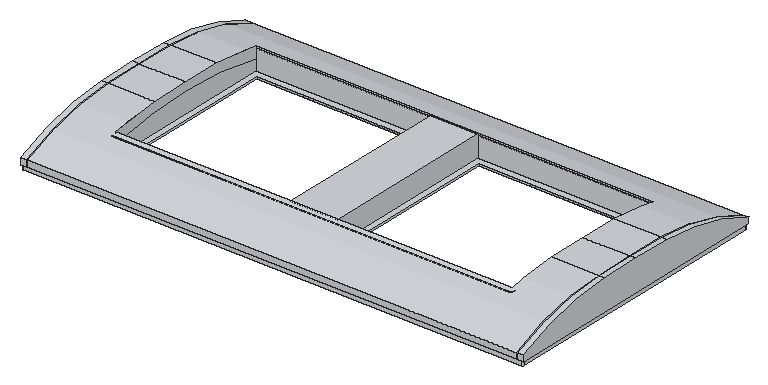
Revit family "Gira_021285", category Electrical Fixtures, host Face, Revit 2017
Family settings
  Host = Face
  Maintain Annotation Orientation = No
  Round Connector Dimension = Use Diameter
  Part Type = Normal
  Cut with Voids When Loaded = No
  Shared = No
  Room Calculation Point = No
Parameters (values of type "Abdeckrahmen 2f Zwischenr. AN Gira Event Opak Mint")
  Werkstoffgüte = "Thermoplast"
  Werkstoff = "Kunststoff"
  URL = "http://katalog.gira.de/de_DE/datenblatt.html?artikelnr=021285"
  Transparent = "No"
  Textfeld/Beschriftungsfläche = "No"
  Schutzart (IP) = "IP20"
  Region = "DE"
  Oberfläche = "sonstige"
  Name = "Abdeckrahmen 2f Zwischenr. AN Gira Event Opak Mint"
  Montagerichtung = "horizontal und vertikal"
  Mit Montagerahmen = "No"
  Mit Klappdeckel = "No"
  Manufacturer URL = "https://www.gira.de/"
  Keynote = "Event_Rahmen_2fach"
  HeinzeBIM = "https://bimportal.heinze.de/bim/abdeckrahmen-2f-zwischenr-an-gira-event-opak-mint/ade150f924392841b36f003fccfcefedbd4ba790"
  Halogenfrei = "Yes"
  HAN = "021285"
  Geeignet für Unterputz-Installation = "Yes"
  Geeignet für Unterflurkanaldose = "No"
  Geeignet für Geräteeinbaukanal = "No"
  Geeignet für Einbauinstallation = "No"
  GTIN = "4010337212850"
  Farbe = "grün"
  Default Elevation = 1219.2 mm
  Data sheet (1) = "https://katalog.gira.de/de_DE/download.html?artikelnr=021285"
  Category = "Abdeckrahmen"
  Befestigungsart = "Klemmbefestigung"
  Available = "Yes"
  Anzahl der Einheiten vertikal = "2 "
  Anzahl der Einheiten horizontal = "2 "
  Anzahl der Einheiten = "2 "
Reference planes
  plane 1 "Center (Front/Back)": y = 0
  plane 2: z = 0
  plane 3 "Center (Left/Right)": x = 0
Forms (mm)
  Extrusion 1, solid, detail levels fine
    sketch origin (0, 0, 0.05) x (0, 1, 0) y (0, 0, 1)
      loop
        arc (12.445, 9.683) -> (6.223, 9.833) -> (0, 9.85) r 291.636
        arc (0, 9.85) -> (-6.223, 9.833) -> (-12.445, 9.683) r 291.636
        arc (-12.445, 9.683) -> (-29.14, 7.482) -> (-45, 1.823) r 79.728
        line (-45, 1.823) -> (-45, -0.05) -> (-42.086, -0.05)
        arc (-42.086, -0.05) -> (-21.385, 5.559) -> (0, 7.206) r 114.424
        arc (0, 7.206) -> (21.385, 5.559) -> (42.086, -0.05) r 114.424
        line (42.086, -0.05) -> (45, -0.05) -> (45, 1.823)
        arc (45, 1.823) -> (29.14, 7.482) -> (12.445, 9.683) r 79.728
    from -78.55 to 78.55
  Extrusion 2, void, detail levels fine
    sketch origin (0, 0, 0) x (1, 0, 0) y (0, 1, 0)
      loop
        line (-63.55, -27.937) -> (63.55, -27.937) -> (63.55, 28.063) -> (-63.55, 28.063) -> (-63.55, -27.937)
    from 0.724 to 11
  Extrusion 3, solid, detail levels coarse
    sketch origin (0, 0, 0) x (1, 0, 0) y (0, 1, 0)
      loop
        line (-80.55, 45) -> (-80.55, -45) -> (80.55, -45) -> (80.55, 45) -> (-80.55, 45)
    from -1.5 to 9.9
  Extrusion 4, solid, detail levels medium
    sketch origin (0, 0, 0.05) x (0, 1, 0) y (0, 0, 1)
      loop
        arc (12.445, 9.683) -> (6.223, 9.833) -> (0, 9.85) r 291.636
        arc (0, 9.85) -> (-6.223, 9.833) -> (-12.445, 9.683) r 291.636
        arc (-12.445, 9.683) -> (-29.14, 7.482) -> (-45, 1.823) r 79.728
        line (-45, 1.823) -> (-45, -0.05) -> (45, -0.05) -> (45, 1.823)
        arc (45, 1.823) -> (29.14, 7.482) -> (12.445, 9.683) r 79.728
    from -80.55 to 80.55
  Extrusion 5, solid, detail levels fine
    sketch origin (-35.55, 0, -1.5) x (0, 1, 0) y (0, 0, -1)
      loop
        line (45, -3.373) -> (45, -1.5) -> (-45, -1.5) -> (-45, -3.373)
        arc (-45, -3.373) -> (-29.14, -9.032) -> (-12.445, -11.233) r 79.728
        arc (-12.445, -11.233) -> (-6.223, -11.383) -> (0, -11.4) r 291.636
        arc (0, -11.4) -> (6.223, -11.383) -> (12.445, -11.233) r 291.636
        arc (12.445, -11.233) -> (29.14, -9.032) -> (45, -3.373) r 79.728
    from 43 to 45
  Extrusion 6, solid, detail levels fine
    sketch origin (0, 0, 0) x (1, 0, 0) y (0, 1, 0)
      loop
        line (-61.45, 25.7) -> (-61.45, -25.7) -> (-9.65, -25.7) -> (-9.65, 25.7) -> (-61.45, 25.7)
      loop
        line (61.45, -25.7) -> (61.45, 25.7) -> (9.65, 25.7) -> (9.65, -25.7) -> (61.45, -25.7)
      loop
        line (-64.445, 28.49) -> (-64.445, -28.495)
        spline (-64.445, -28.495) -> (-64.436, -28.625) -> (-64.411, -28.754) -> (-64.369, -28.878) -> (-64.311, -28.995) -> (-64.238, -29.104) -> (-64.152, -29.202) -> (-64.054, -29.288) -> (-63.945, -29.361) -> (-63.828, -29.419) -> (-63.704, -29.461) -> (-63.575, -29.486) -> (-63.445, -29.495)
        line (-63.445, -29.495) -> (63.445, -29.495)
        spline (63.445, -29.495) -> (63.575, -29.486) -> (63.704, -29.461) -> (63.828, -29.419) -> (63.945, -29.361) -> (64.054, -29.288) -> (64.152, -29.202) -> (64.238, -29.104) -> (64.311, -28.995) -> (64.369, -28.878) -> (64.411, -28.754) -> (64.436, -28.625) -> (64.445, -28.495)
        line (64.445, -28.495) -> (64.445, 28.49)
        spline (64.445, 28.49) -> (64.436, 28.62) -> (64.411, 28.748) -> (64.369, 28.872) -> (64.311, 28.99) -> (64.238, 29.098) -> (64.152, 29.197) -> (64.054, 29.283) -> (63.945, 29.356) -> (63.828, 29.413) -> (63.704, 29.456) -> (63.575, 29.481) -> (63.445, 29.49)
        line (63.445, 29.49) -> (-63.445, 29.49)
        spline (-63.445, 29.49) -> (-63.575, 29.481) -> (-63.704, 29.456) -> (-63.828, 29.413) -> (-63.945, 29.356) -> (-64.054, 29.283) -> (-64.152, 29.197) -> (-64.238, 29.098) -> (-64.311, 28.99) -> (-64.369, 28.872) -> (-64.411, 28.748) -> (-64.436, 28.62) -> (-64.445, 28.49)
    from 0.1 to 7.3
  Extrusion 7, solid
    sketch origin (0, 0, 0) x (1, 0, 0) y (0, 1, 0)
      loop
        arc (-80.25, -44.2) -> (-80.104, -44.554) -> (-79.75, -44.7) r 0.5
        line (-79.75, -44.7) -> (79.75, -44.7)
        arc (79.75, -44.7) -> (80.104, -44.554) -> (80.25, -44.2) r 0.5
        line (80.25, -44.2) -> (80.25, 44.2)
        arc (80.25, 44.2) -> (80.104, 44.554) -> (79.75, 44.7) r 0.5
        line (79.75, 44.7) -> (-79.75, 44.7)
        arc (-79.75, 44.7) -> (-80.104, 44.554) -> (-80.25, 44.2) r 0.5
        line (-80.25, 44.2) -> (-80.25, -44.2)
      loop
        line (-78.55, 43) -> (-78.55, -43) -> (78.55, -43) -> (78.55, 43) -> (-78.55, 43)
    from -1.5 to 0.5
  Extrusion 8, solid, detail levels fine
    sketch origin (35.55, 0, -1.5) x (0, 1, 0) y (0, 0, 1)
      loop
        arc (45, 3.373) -> (29.14, 9.032) -> (12.445, 11.233) r 79.728
        arc (12.445, 11.233) -> (6.223, 11.383) -> (0, 11.4) r 291.636
        arc (0, 11.4) -> (-6.223, 11.383) -> (-12.445, 11.233) r 291.636
        arc (-12.445, 11.233) -> (-29.14, 9.032) -> (-45, 3.373) r 79.728
        line (-45, 3.373) -> (-45, 1.5) -> (45, 1.5) -> (45, 3.373)
    from 43 to 45
  Extrusion 9, solid, detail levels medium
    sketch origin (0, 0, 0) x (1, 0, 0) y (0, 1, 0)
      loop
        line (-80.25, -44.7) -> (80.25, -44.7) -> (80.25, 44.7) -> (-80.25, 44.7) -> (-80.25, -44.7)
    from -1.5 to 0.5
  Extrusion 10, solid, detail levels fine
    sketch origin (0, 0, 0) x (1, 0, 0) y (0, 1, 0)
      loop
        line (-7.55, 28.063) -> (-7.55, -27.937) -> (7.55, -27.937) -> (7.55, 28.063) -> (-7.55, 28.063)
    from 0.724 to 7.566
Cuts and joins
  Extrusion 2 cuts Extrusion 1
  Extrusion 2 cuts Extrusion 6
Dimensions and locks
  aligned and locked: plane 2 to host face
  aligned and locked: level to host face
